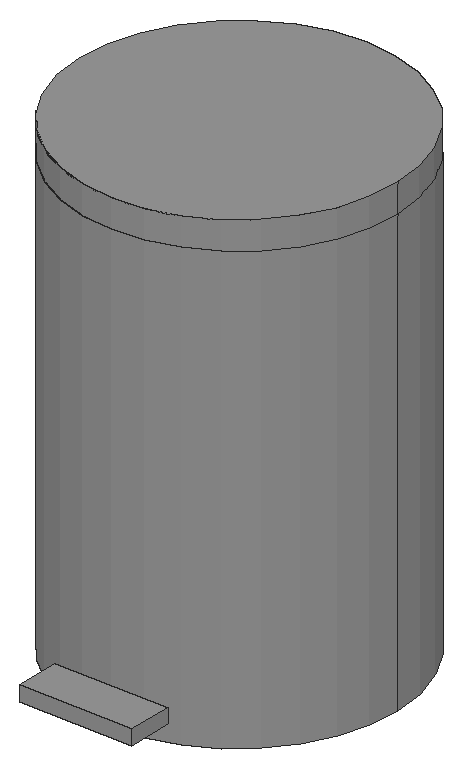
Revit family "KEUCO_04988070000_", category Generic Models, Revit 2016
Family settings
  Part Type = Normal
  Can host rebar = No
  Round Connector Dimension = Use Diameter
  Work Plane-Based = No
  Always vertical = Yes
  Cut with Voids When Loaded = No
  Shared = No
  Room Calculation Point = No
Parameters
  Verwendung = "GWC / WP"  # constant formula
  URL = "https://www.keuco.com"
  Serie = "Plan"  # constant formula
  Preisgruppe = "1"  # constant formula
  Materialien bei Hersteller anfragen = "Anfrage zu:  objektmanagement@keuco.de"
  Material Abdeckung = Aluminium-Oberfläche
  Material Eimer = Aluminium-Oberfläche
  Kategorie = "ACC"  # constant formula
  Manufacturer = "KEUCO"  # constant formula
  Gewicht = 1.72
  Description = "--"
  Assembly Code = ""
  Ausschreibungstext = ""
  Artikelnummer = "04988010000"
Types (4, lengths in mm): name | URL | Materialien bei Hersteller anfragen | Material Abdeckung | Material Eimer | Description | Ausschreibungstext | Artikelnummer
  (no name) | "https://www.keuco.com" | "Anfrage zu:  objektmanagement@keuco.de" | Aluminium-Oberfläche | Aluminium-Oberfläche | "--" | "" | "04988010000"
  04988070000 | "https://www.keuco.com/de/produkte/sortiment/artikel/?pid=04988&oid=1&pgo=19&country=de&lang=de&vid=04988070000" | "Request to:  objektmanagement@keuco.de" | Edelstahl | Edelstahl | "mit herausnehmbarem schwarzen Innenbehälter\r\nFassungsvermögen: 5 l" | "KEUCO Abfalleimer 04988070000\r\nAbfalleimer aus hochwertigem Edelstahl als Standmodel mit Deckel und Tretpedal\r\nkomplett mit herausnehmbaren Kunststoff-Einsatz, für leichtes reinigen, \r\n5 l Fassungsvermögen\r\nHöhe 298 mm, Durchmesser 200 mm, \r\nTiefe (ohne Tretpedal) 240 mm" | "04988070000"
  04988010000 | "https://www.keuco.com/de/produkte/sortiment/artikel/?pid=04988&oid=1&pgo=19&country=de&lang=de&vid=04988010000" | "Request to:  objektmanagement@keuco.de" | Chrom-finish (Edelstahl poliert) | Chrom-finish (Edelstahl poliert) | "mit herausnehmbarem schwarzem Innenbehälter\r\nFassungsvermögen: 5 l" | "KEUCO Abfalleimer 04988010000\r\nAbfalleimer in Chrom-finish (Edelstahl poliert) \r\nals Standmodell mit Deckel und Tretpedal,\r\nkomplett mit herausnehmbaren Kunststoff-Einsatz, für leichtes reinigen, \r\n5 l Fassungsvermögen\r\nHöhe 298 mm, Durchmesser 200 mm, \r\nTiefe (ohne Tretpedal) 240 mm" | "04988010000"
  04988170000 | "https://www.keuco.com/de/produkte/sortiment/artikel/?pid=04988&oid=1&pgo=19&country=de&lang=de&vid=04988170000" | "Request to:  objektmanagement@keuco.de" | Aluminium-finish | Aluminium-finish | "mit herausnehmbarem schwarzem Innenbehälter\r\nFassungsvermögen: 5 l" | "KEUCO Abfalleimer 04988170000\r\nAluminium silber-eloxierter Abfalleimer als Standmodell mit Deckel und Tretpedal\r\nkomplett mit herausnehmbaren Kunststoff-Einsatz, für leichtes reinigen, \r\n5 l Fassungsvermögen\r\nHöhe 298 mm, Durchmesser 200 mm, \r\nTiefe (ohne Tretpedal) 240 mm" | "04988170000"
Reference planes
  plane 1 "Center (Front/Back)": y = 0
  plane 2: z = 0
  plane 3 "Center (Left/Right)": x = 0
Forms (mm)
  Revolve 1, solid, material "Aluminium-Oberfläche" <- "Material Eimer"
    sketch origin (0, 0, 0) x (1, 0, 0) y (0, 0, 1)
      loop
        line (0, 0) -> (100, 0) -> (100, 280.004) -> (97.882, 280.004) -> (97.882, 5.004) -> (0, 5.004) -> (0, 0)
      axis (0, 0) -> (0, 280.004)
    angle from 0 to 360
  Extrusion 2, solid, material "Aluminium-Oberfläche" <- "Material Eimer"
    sketch origin (0, 0, 0) x (1, 0, 0) y (0, 1, 0)
      loop
        circle (0, 0) r 100
    from 297.682 to 280.004
  Extrusion 3, solid, material "Kunststoff, undurchsichtig schwarz"
    sketch origin (0, 0, 0) x (0, 1, 0) y (0, 0, 1)
      loop
        line (-100.016, 13.852) -> (-100.016, 23.241) -> (-127.723, 23.241) -> (-127.723, 13.852) -> (-100.016, 13.852)
    from -35.395 to 35.091
Lines and regions (mm)
  symbolic lines
    curve 1: circle (0, 0, 0) r 100 normal (0, 0, 1)
Dimensions and locks
  Extrusion 2 to plane 2 = 297.682 mm
  aligned and locked: level to plane 2
  aligned and locked: Extrusion 2 to Revolve 1
